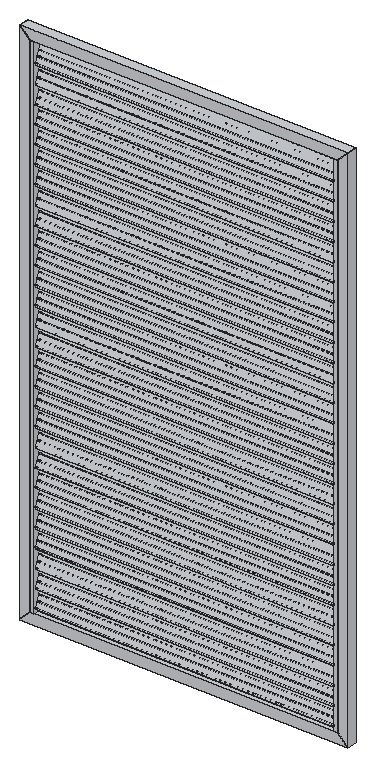
Revit family "95 Bella Vista Horizontal End Fixed", category Generic Models, Revit 2018
Family settings
  Can host rebar = No
  Round Connector Dimension = Use Diameter
  Part Type = Normal
  Work Plane-Based = No
  Always vertical = Yes
  Cut with Voids When Loaded = No
  Shared = No
  Room Calculation Point = No
Parameters
  Width = 1020 mm
  Height = 2654 mm
  Framing = none
  Channel = none
Reference planes
  plane 1 "Center (Front/Back)": y = 0
  plane 2: z = 0
  plane 3 "Center (Left/Right)": x = 0
  plane 4: z = 2654
  plane 5: x = -816.5
  plane 6: x = 816.5
  plane 7: x = -766.5
  plane 8: x = 766.5
  plane 9: x = 746.5
  plane 10: x = -746.5
Forms (mm)
  Extrusion 1, solid, material <- "Framing"
    sketch origin (0, 1.946, -0.121) x (0, 0.999848, 0.017452) y (0, -0.017452, 0.999848)
      loop
        arc (-4.719, 95.957) -> (-4.817, 99.085) -> (-7.001, 96.844) r 1.7
        arc (-7.001, 96.844) -> (-7.349, 95.993) -> (-8.2, 96.342) r 0.65
        arc (-8.2, 96.342) -> (-8.41, 97.135) -> (-8.398, 97.955) r 3
        line (-8.398, 97.955) -> (-9.746, 98.478) -> (-18.273, 76.527) -> (-10.117, 73.358) -> (-1.59, 95.31) -> (-2.938, 95.834)
        arc (-2.938, 95.834) -> (-3.482, 95.22) -> (-4.173, 94.777) r 3
        arc (-4.173, 94.777) -> (-5.036, 95.094) -> (-4.719, 95.957) r 0.65
      loop
        arc (7.925, 123.798) -> (4.344, 122.668) -> (2.465, 125.919) r 3
        line (2.465, 125.919) -> (1.117, 126.443) -> (-9.275, 99.69) -> (-7.927, 99.166)
        arc (-7.927, 99.166) -> (-4.346, 100.296) -> (-2.467, 97.045) r 3
        line (-2.467, 97.045) -> (-1.119, 96.522) -> (9.273, 123.274) -> (7.925, 123.798)
      loop
        arc (8.198, 126.623) -> (8.408, 125.83) -> (8.396, 125.01) r 3
        line (8.396, 125.01) -> (9.744, 124.486) -> (20.806, 152.963) -> (16.845, 154.502) -> (14.491, 148.443)
        arc (14.491, 148.443) -> (14.227, 148.166) -> (13.844, 148.158) r 0.5
        line (13.844, 148.158) -> (10.116, 149.606) -> (1.588, 127.654) -> (2.936, 127.131)
        arc (2.936, 127.131) -> (3.481, 127.744) -> (4.171, 128.187) r 3
        arc (4.171, 128.187) -> (5.034, 127.87) -> (4.717, 127.007) r 0.65
        arc (4.717, 127.007) -> (4.815, 123.88) -> (6.999, 126.121) r 1.7
        arc (6.999, 126.121) -> (7.347, 126.971) -> (8.198, 126.623) r 0.65
      loop
        arc (16.57, 156.003) -> (16.187, 155.995) -> (15.923, 155.718) r 0.5
        line (15.923, 155.718) -> (13.569, 149.659) -> (9.374, 151.289) -> (-22.491, 69.261) -> (-20.067, 68.319)
        arc (-20.067, 68.319) -> (-19.684, 68.328) -> (-19.42, 68.604) r 0.5
        line (-19.42, 68.604) -> (-18.895, 69.956)
        arc (-18.895, 69.956) -> (-19.123, 70.473) -> (-19.641, 70.245) r 0.4
        line (-19.641, 70.245) -> (-19.985, 69.36) -> (-21.196, 69.831) -> (-19.169, 75.051) -> (-17.957, 74.58) -> (-18.265, 73.787)
        arc (-18.265, 73.787) -> (-18.037, 73.27) -> (-17.519, 73.498) r 0.4
        line (-17.519, 73.498) -> (-17.066, 74.663) -> (-9.376, 71.676) -> (22.489, 153.704) -> (16.57, 156.003)
    from -746.5 to 746.5
  Extrusion 2, solid, material <- "Channel"
    sketch origin (0, 0, 0) x (1, 0, 0) y (0, 1, 0)
      loop
        line (-766.5, 25) -> (-766.5, 22) -> (-749.5, 22) -> (-749.5, -22) -> (-766.5, -22) -> (-766.5, -25) -> (-746.5, -25) -> (-746.5, 25) -> (-766.5, 25)
    from 50 to 2604
  Extrusion 3, solid, material <- "Channel"
    sketch origin (0, 0, 0) x (-1, 0, 0) y (0, -1, 0)
      loop
        line (-766.5, -25) -> (-746.5, -25) -> (-746.5, 25) -> (-766.5, 25) -> (-766.5, 22) -> (-749.5, 22) -> (-749.5, -22) -> (-766.5, -22) -> (-766.5, -25)
    from 50 to 2604
  Extrusion 4, solid
    sketch origin (0, 0, 0) x (0, 1, 0) y (0, 0, 1)
      loop
        line (20, 50) -> (20, 51.6) -> (1.6, 51.6) -> (1.6, 82) -> (0, 82) -> (0, 50) -> (20, 50)
    from -746.5 to 746.5
  Extrusion 5, solid
    sketch origin (0, 23.313, 2654) x (0, -1, 0) y (0, 0, -1)
      loop
        line (20, 50) -> (20, 51.6) -> (1.6, 51.6) -> (1.6, 82) -> (0, 82) -> (0, 50) -> (20, 50)
    from -746.5 to 746.5
  Extrusion 6, solid, material <- "Framing"
    sketch origin (0, 1.946, 89.879) x (0, 0.999848, 0.017452) y (0, -0.017452, 0.999848)
      loop
        arc (-4.719, 95.957) -> (-4.817, 99.085) -> (-7.001, 96.844) r 1.7
        arc (-7.001, 96.844) -> (-7.349, 95.993) -> (-8.2, 96.342) r 0.65
        arc (-8.2, 96.342) -> (-8.41, 97.135) -> (-8.398, 97.955) r 3
        line (-8.398, 97.955) -> (-9.746, 98.478) -> (-18.273, 76.527) -> (-10.117, 73.358) -> (-1.59, 95.31) -> (-2.938, 95.834)
        arc (-2.938, 95.834) -> (-3.482, 95.22) -> (-4.173, 94.777) r 3
        arc (-4.173, 94.777) -> (-5.036, 95.094) -> (-4.719, 95.957) r 0.65
      loop
        arc (7.925, 123.798) -> (4.344, 122.668) -> (2.465, 125.919) r 3
        line (2.465, 125.919) -> (1.117, 126.443) -> (-9.275, 99.69) -> (-7.927, 99.166)
        arc (-7.927, 99.166) -> (-4.346, 100.296) -> (-2.467, 97.045) r 3
        line (-2.467, 97.045) -> (-1.119, 96.522) -> (9.273, 123.274) -> (7.925, 123.798)
      loop
        arc (8.198, 126.623) -> (8.408, 125.83) -> (8.396, 125.01) r 3
        line (8.396, 125.01) -> (9.744, 124.486) -> (20.806, 152.963) -> (16.845, 154.502) -> (14.491, 148.443)
        arc (14.491, 148.443) -> (14.227, 148.166) -> (13.844, 148.158) r 0.5
        line (13.844, 148.158) -> (10.116, 149.606) -> (1.588, 127.654) -> (2.936, 127.131)
        arc (2.936, 127.131) -> (3.481, 127.744) -> (4.171, 128.187) r 3
        arc (4.171, 128.187) -> (5.034, 127.87) -> (4.717, 127.007) r 0.65
        arc (4.717, 127.007) -> (4.815, 123.88) -> (6.999, 126.121) r 1.7
        arc (6.999, 126.121) -> (7.347, 126.971) -> (8.198, 126.623) r 0.65
      loop
        arc (16.57, 156.003) -> (16.187, 155.995) -> (15.923, 155.718) r 0.5
        line (15.923, 155.718) -> (13.569, 149.659) -> (9.374, 151.289) -> (-22.491, 69.261) -> (-20.067, 68.319)
        arc (-20.067, 68.319) -> (-19.684, 68.328) -> (-19.42, 68.604) r 0.5
        line (-19.42, 68.604) -> (-18.895, 69.956)
        arc (-18.895, 69.956) -> (-19.123, 70.473) -> (-19.641, 70.245) r 0.4
        line (-19.641, 70.245) -> (-19.985, 69.36) -> (-21.196, 69.831) -> (-19.169, 75.051) -> (-17.957, 74.58) -> (-18.265, 73.787)
        arc (-18.265, 73.787) -> (-18.037, 73.27) -> (-17.519, 73.498) r 0.4
        line (-17.519, 73.498) -> (-17.066, 74.663) -> (-9.376, 71.676) -> (22.489, 153.704) -> (16.57, 156.003)
    from -746.5 to 746.5
  Extrusion 7, solid, material <- "Framing"
    sketch origin (0, 1.946, 179.879) x (0, 0.999848, 0.017452) y (0, -0.017452, 0.999848)
      loop
        arc (-4.719, 95.957) -> (-4.817, 99.085) -> (-7.001, 96.844) r 1.7
        arc (-7.001, 96.844) -> (-7.349, 95.993) -> (-8.2, 96.342) r 0.65
        arc (-8.2, 96.342) -> (-8.41, 97.135) -> (-8.398, 97.955) r 3
        line (-8.398, 97.955) -> (-9.746, 98.478) -> (-18.273, 76.527) -> (-10.117, 73.358) -> (-1.59, 95.31) -> (-2.938, 95.834)
        arc (-2.938, 95.834) -> (-3.482, 95.22) -> (-4.173, 94.777) r 3
        arc (-4.173, 94.777) -> (-5.036, 95.094) -> (-4.719, 95.957) r 0.65
      loop
        arc (7.925, 123.798) -> (4.344, 122.668) -> (2.465, 125.919) r 3
        line (2.465, 125.919) -> (1.117, 126.443) -> (-9.275, 99.69) -> (-7.927, 99.166)
        arc (-7.927, 99.166) -> (-4.346, 100.296) -> (-2.467, 97.045) r 3
        line (-2.467, 97.045) -> (-1.119, 96.522) -> (9.273, 123.274) -> (7.925, 123.798)
      loop
        arc (8.198, 126.623) -> (8.408, 125.83) -> (8.396, 125.01) r 3
        line (8.396, 125.01) -> (9.744, 124.486) -> (20.806, 152.963) -> (16.845, 154.502) -> (14.491, 148.443)
        arc (14.491, 148.443) -> (14.227, 148.166) -> (13.844, 148.158) r 0.5
        line (13.844, 148.158) -> (10.116, 149.606) -> (1.588, 127.654) -> (2.936, 127.131)
        arc (2.936, 127.131) -> (3.481, 127.744) -> (4.171, 128.187) r 3
        arc (4.171, 128.187) -> (5.034, 127.87) -> (4.717, 127.007) r 0.65
        arc (4.717, 127.007) -> (4.815, 123.88) -> (6.999, 126.121) r 1.7
        arc (6.999, 126.121) -> (7.347, 126.971) -> (8.198, 126.623) r 0.65
      loop
        arc (16.57, 156.003) -> (16.187, 155.995) -> (15.923, 155.718) r 0.5
        line (15.923, 155.718) -> (13.569, 149.659) -> (9.374, 151.289) -> (-22.491, 69.261) -> (-20.067, 68.319)
        arc (-20.067, 68.319) -> (-19.684, 68.328) -> (-19.42, 68.604) r 0.5
        line (-19.42, 68.604) -> (-18.895, 69.956)
        arc (-18.895, 69.956) -> (-19.123, 70.473) -> (-19.641, 70.245) r 0.4
        line (-19.641, 70.245) -> (-19.985, 69.36) -> (-21.196, 69.831) -> (-19.169, 75.051) -> (-17.957, 74.58) -> (-18.265, 73.787)
        arc (-18.265, 73.787) -> (-18.037, 73.27) -> (-17.519, 73.498) r 0.4
        line (-17.519, 73.498) -> (-17.066, 74.663) -> (-9.376, 71.676) -> (22.489, 153.704) -> (16.57, 156.003)
    from -746.5 to 746.5
  Extrusion 8, solid, material <- "Framing"
    sketch origin (0, 1.946, 269.879) x (0, 0.999848, 0.017452) y (0, -0.017452, 0.999848)
      loop
        arc (-4.719, 95.957) -> (-4.817, 99.085) -> (-7.001, 96.844) r 1.7
        arc (-7.001, 96.844) -> (-7.349, 95.993) -> (-8.2, 96.342) r 0.65
        arc (-8.2, 96.342) -> (-8.41, 97.135) -> (-8.398, 97.955) r 3
        line (-8.398, 97.955) -> (-9.746, 98.478) -> (-18.273, 76.527) -> (-10.117, 73.358) -> (-1.59, 95.31) -> (-2.938, 95.834)
        arc (-2.938, 95.834) -> (-3.482, 95.22) -> (-4.173, 94.777) r 3
        arc (-4.173, 94.777) -> (-5.036, 95.094) -> (-4.719, 95.957) r 0.65
      loop
        arc (7.925, 123.798) -> (4.344, 122.668) -> (2.465, 125.919) r 3
        line (2.465, 125.919) -> (1.117, 126.443) -> (-9.275, 99.69) -> (-7.927, 99.166)
        arc (-7.927, 99.166) -> (-4.346, 100.296) -> (-2.467, 97.045) r 3
        line (-2.467, 97.045) -> (-1.119, 96.522) -> (9.273, 123.274) -> (7.925, 123.798)
      loop
        arc (8.198, 126.623) -> (8.408, 125.83) -> (8.396, 125.01) r 3
        line (8.396, 125.01) -> (9.744, 124.486) -> (20.806, 152.963) -> (16.845, 154.502) -> (14.491, 148.443)
        arc (14.491, 148.443) -> (14.227, 148.166) -> (13.844, 148.158) r 0.5
        line (13.844, 148.158) -> (10.116, 149.606) -> (1.588, 127.654) -> (2.936, 127.131)
        arc (2.936, 127.131) -> (3.481, 127.744) -> (4.171, 128.187) r 3
        arc (4.171, 128.187) -> (5.034, 127.87) -> (4.717, 127.007) r 0.65
        arc (4.717, 127.007) -> (4.815, 123.88) -> (6.999, 126.121) r 1.7
        arc (6.999, 126.121) -> (7.347, 126.971) -> (8.198, 126.623) r 0.65
      loop
        arc (16.57, 156.003) -> (16.187, 155.995) -> (15.923, 155.718) r 0.5
        line (15.923, 155.718) -> (13.569, 149.659) -> (9.374, 151.289) -> (-22.491, 69.261) -> (-20.067, 68.319)
        arc (-20.067, 68.319) -> (-19.684, 68.328) -> (-19.42, 68.604) r 0.5
        line (-19.42, 68.604) -> (-18.895, 69.956)
        arc (-18.895, 69.956) -> (-19.123, 70.473) -> (-19.641, 70.245) r 0.4
        line (-19.641, 70.245) -> (-19.985, 69.36) -> (-21.196, 69.831) -> (-19.169, 75.051) -> (-17.957, 74.58) -> (-18.265, 73.787)
        arc (-18.265, 73.787) -> (-18.037, 73.27) -> (-17.519, 73.498) r 0.4
        line (-17.519, 73.498) -> (-17.066, 74.663) -> (-9.376, 71.676) -> (22.489, 153.704) -> (16.57, 156.003)
    from -746.5 to 746.5
  Extrusion 9, solid, material <- "Framing"
    sketch origin (0, 1.946, 359.879) x (0, 0.999848, 0.017452) y (0, -0.017452, 0.999848)
      loop
        arc (-4.719, 95.957) -> (-4.817, 99.085) -> (-7.001, 96.844) r 1.7
        arc (-7.001, 96.844) -> (-7.349, 95.993) -> (-8.2, 96.342) r 0.65
        arc (-8.2, 96.342) -> (-8.41, 97.135) -> (-8.398, 97.955) r 3
        line (-8.398, 97.955) -> (-9.746, 98.478) -> (-18.273, 76.527) -> (-10.117, 73.358) -> (-1.59, 95.31) -> (-2.938, 95.834)
        arc (-2.938, 95.834) -> (-3.482, 95.22) -> (-4.173, 94.777) r 3
        arc (-4.173, 94.777) -> (-5.036, 95.094) -> (-4.719, 95.957) r 0.65
      loop
        arc (7.925, 123.798) -> (4.344, 122.668) -> (2.465, 125.919) r 3
        line (2.465, 125.919) -> (1.117, 126.443) -> (-9.275, 99.69) -> (-7.927, 99.166)
        arc (-7.927, 99.166) -> (-4.346, 100.296) -> (-2.467, 97.045) r 3
        line (-2.467, 97.045) -> (-1.119, 96.522) -> (9.273, 123.274) -> (7.925, 123.798)
      loop
        arc (8.198, 126.623) -> (8.408, 125.83) -> (8.396, 125.01) r 3
        line (8.396, 125.01) -> (9.744, 124.486) -> (20.806, 152.963) -> (16.845, 154.502) -> (14.491, 148.443)
        arc (14.491, 148.443) -> (14.227, 148.166) -> (13.844, 148.158) r 0.5
        line (13.844, 148.158) -> (10.116, 149.606) -> (1.588, 127.654) -> (2.936, 127.131)
        arc (2.936, 127.131) -> (3.481, 127.744) -> (4.171, 128.187) r 3
        arc (4.171, 128.187) -> (5.034, 127.87) -> (4.717, 127.007) r 0.65
        arc (4.717, 127.007) -> (4.815, 123.88) -> (6.999, 126.121) r 1.7
        arc (6.999, 126.121) -> (7.347, 126.971) -> (8.198, 126.623) r 0.65
      loop
        arc (16.57, 156.003) -> (16.187, 155.995) -> (15.923, 155.718) r 0.5
        line (15.923, 155.718) -> (13.569, 149.659) -> (9.374, 151.289) -> (-22.491, 69.261) -> (-20.067, 68.319)
        arc (-20.067, 68.319) -> (-19.684, 68.328) -> (-19.42, 68.604) r 0.5
        line (-19.42, 68.604) -> (-18.895, 69.956)
        arc (-18.895, 69.956) -> (-19.123, 70.473) -> (-19.641, 70.245) r 0.4
        line (-19.641, 70.245) -> (-19.985, 69.36) -> (-21.196, 69.831) -> (-19.169, 75.051) -> (-17.957, 74.58) -> (-18.265, 73.787)
        arc (-18.265, 73.787) -> (-18.037, 73.27) -> (-17.519, 73.498) r 0.4
        line (-17.519, 73.498) -> (-17.066, 74.663) -> (-9.376, 71.676) -> (22.489, 153.704) -> (16.57, 156.003)
    from -746.5 to 746.5
  Extrusion 10, solid, material <- "Framing"
    sketch origin (0, 1.946, 449.879) x (0, 0.999848, 0.017452) y (0, -0.017452, 0.999848)
      loop
        arc (-4.719, 95.957) -> (-4.817, 99.085) -> (-7.001, 96.844) r 1.7
        arc (-7.001, 96.844) -> (-7.349, 95.993) -> (-8.2, 96.342) r 0.65
        arc (-8.2, 96.342) -> (-8.41, 97.135) -> (-8.398, 97.955) r 3
        line (-8.398, 97.955) -> (-9.746, 98.478) -> (-18.273, 76.527) -> (-10.117, 73.358) -> (-1.59, 95.31) -> (-2.938, 95.834)
        arc (-2.938, 95.834) -> (-3.482, 95.22) -> (-4.173, 94.777) r 3
        arc (-4.173, 94.777) -> (-5.036, 95.094) -> (-4.719, 95.957) r 0.65
      loop
        arc (7.925, 123.798) -> (4.344, 122.668) -> (2.465, 125.919) r 3
        line (2.465, 125.919) -> (1.117, 126.443) -> (-9.275, 99.69) -> (-7.927, 99.166)
        arc (-7.927, 99.166) -> (-4.346, 100.296) -> (-2.467, 97.045) r 3
        line (-2.467, 97.045) -> (-1.119, 96.522) -> (9.273, 123.274) -> (7.925, 123.798)
      loop
        arc (8.198, 126.623) -> (8.408, 125.83) -> (8.396, 125.01) r 3
        line (8.396, 125.01) -> (9.744, 124.486) -> (20.806, 152.963) -> (16.845, 154.502) -> (14.491, 148.443)
        arc (14.491, 148.443) -> (14.227, 148.166) -> (13.844, 148.158) r 0.5
        line (13.844, 148.158) -> (10.116, 149.606) -> (1.588, 127.654) -> (2.936, 127.131)
        arc (2.936, 127.131) -> (3.481, 127.744) -> (4.171, 128.187) r 3
        arc (4.171, 128.187) -> (5.034, 127.87) -> (4.717, 127.007) r 0.65
        arc (4.717, 127.007) -> (4.815, 123.88) -> (6.999, 126.121) r 1.7
        arc (6.999, 126.121) -> (7.347, 126.971) -> (8.198, 126.623) r 0.65
      loop
        arc (16.57, 156.003) -> (16.187, 155.995) -> (15.923, 155.718) r 0.5
        line (15.923, 155.718) -> (13.569, 149.659) -> (9.374, 151.289) -> (-22.491, 69.261) -> (-20.067, 68.319)
        arc (-20.067, 68.319) -> (-19.684, 68.328) -> (-19.42, 68.604) r 0.5
        line (-19.42, 68.604) -> (-18.895, 69.956)
        arc (-18.895, 69.956) -> (-19.123, 70.473) -> (-19.641, 70.245) r 0.4
        line (-19.641, 70.245) -> (-19.985, 69.36) -> (-21.196, 69.831) -> (-19.169, 75.051) -> (-17.957, 74.58) -> (-18.265, 73.787)
        arc (-18.265, 73.787) -> (-18.037, 73.27) -> (-17.519, 73.498) r 0.4
        line (-17.519, 73.498) -> (-17.066, 74.663) -> (-9.376, 71.676) -> (22.489, 153.704) -> (16.57, 156.003)
    from -746.5 to 746.5
  Extrusion 11, solid, material <- "Framing"
    sketch origin (0, 1.946, 539.879) x (0, 0.999848, 0.017452) y (0, -0.017452, 0.999848)
      loop
        arc (-4.719, 95.957) -> (-4.817, 99.085) -> (-7.001, 96.844) r 1.7
        arc (-7.001, 96.844) -> (-7.349, 95.993) -> (-8.2, 96.342) r 0.65
        arc (-8.2, 96.342) -> (-8.41, 97.135) -> (-8.398, 97.955) r 3
        line (-8.398, 97.955) -> (-9.746, 98.478) -> (-18.273, 76.527) -> (-10.117, 73.358) -> (-1.59, 95.31) -> (-2.938, 95.834)
        arc (-2.938, 95.834) -> (-3.482, 95.22) -> (-4.173, 94.777) r 3
        arc (-4.173, 94.777) -> (-5.036, 95.094) -> (-4.719, 95.957) r 0.65
      loop
        arc (7.925, 123.798) -> (4.344, 122.668) -> (2.465, 125.919) r 3
        line (2.465, 125.919) -> (1.117, 126.443) -> (-9.275, 99.69) -> (-7.927, 99.166)
        arc (-7.927, 99.166) -> (-4.346, 100.296) -> (-2.467, 97.045) r 3
        line (-2.467, 97.045) -> (-1.119, 96.522) -> (9.273, 123.274) -> (7.925, 123.798)
      loop
        arc (8.198, 126.623) -> (8.408, 125.83) -> (8.396, 125.01) r 3
        line (8.396, 125.01) -> (9.744, 124.486) -> (20.806, 152.963) -> (16.845, 154.502) -> (14.491, 148.443)
        arc (14.491, 148.443) -> (14.227, 148.166) -> (13.844, 148.158) r 0.5
        line (13.844, 148.158) -> (10.116, 149.606) -> (1.588, 127.654) -> (2.936, 127.131)
        arc (2.936, 127.131) -> (3.481, 127.744) -> (4.171, 128.187) r 3
        arc (4.171, 128.187) -> (5.034, 127.87) -> (4.717, 127.007) r 0.65
        arc (4.717, 127.007) -> (4.815, 123.88) -> (6.999, 126.121) r 1.7
        arc (6.999, 126.121) -> (7.347, 126.971) -> (8.198, 126.623) r 0.65
      loop
        arc (16.57, 156.003) -> (16.187, 155.995) -> (15.923, 155.718) r 0.5
        line (15.923, 155.718) -> (13.569, 149.659) -> (9.374, 151.289) -> (-22.491, 69.261) -> (-20.067, 68.319)
        arc (-20.067, 68.319) -> (-19.684, 68.328) -> (-19.42, 68.604) r 0.5
        line (-19.42, 68.604) -> (-18.895, 69.956)
        arc (-18.895, 69.956) -> (-19.123, 70.473) -> (-19.641, 70.245) r 0.4
        line (-19.641, 70.245) -> (-19.985, 69.36) -> (-21.196, 69.831) -> (-19.169, 75.051) -> (-17.957, 74.58) -> (-18.265, 73.787)
        arc (-18.265, 73.787) -> (-18.037, 73.27) -> (-17.519, 73.498) r 0.4
        line (-17.519, 73.498) -> (-17.066, 74.663) -> (-9.376, 71.676) -> (22.489, 153.704) -> (16.57, 156.003)
    from -746.5 to 746.5
  Extrusion 12, solid, material <- "Framing"
    sketch origin (0, 1.946, 629.879) x (0, 0.999848, 0.017452) y (0, -0.017452, 0.999848)
      loop
        arc (-4.719, 95.957) -> (-4.817, 99.085) -> (-7.001, 96.844) r 1.7
        arc (-7.001, 96.844) -> (-7.349, 95.993) -> (-8.2, 96.342) r 0.65
        arc (-8.2, 96.342) -> (-8.41, 97.135) -> (-8.398, 97.955) r 3
        line (-8.398, 97.955) -> (-9.746, 98.478) -> (-18.273, 76.527) -> (-10.117, 73.358) -> (-1.59, 95.31) -> (-2.938, 95.834)
        arc (-2.938, 95.834) -> (-3.482, 95.22) -> (-4.173, 94.777) r 3
        arc (-4.173, 94.777) -> (-5.036, 95.094) -> (-4.719, 95.957) r 0.65
      loop
        arc (7.925, 123.798) -> (4.344, 122.668) -> (2.465, 125.919) r 3
        line (2.465, 125.919) -> (1.117, 126.443) -> (-9.275, 99.69) -> (-7.927, 99.166)
        arc (-7.927, 99.166) -> (-4.346, 100.296) -> (-2.467, 97.045) r 3
        line (-2.467, 97.045) -> (-1.119, 96.522) -> (9.273, 123.274) -> (7.925, 123.798)
      loop
        arc (8.198, 126.623) -> (8.408, 125.83) -> (8.396, 125.01) r 3
        line (8.396, 125.01) -> (9.744, 124.486) -> (20.806, 152.963) -> (16.845, 154.502) -> (14.491, 148.443)
        arc (14.491, 148.443) -> (14.227, 148.166) -> (13.844, 148.158) r 0.5
        line (13.844, 148.158) -> (10.116, 149.606) -> (1.588, 127.654) -> (2.936, 127.131)
        arc (2.936, 127.131) -> (3.481, 127.744) -> (4.171, 128.187) r 3
        arc (4.171, 128.187) -> (5.034, 127.87) -> (4.717, 127.007) r 0.65
        arc (4.717, 127.007) -> (4.815, 123.88) -> (6.999, 126.121) r 1.7
        arc (6.999, 126.121) -> (7.347, 126.971) -> (8.198, 126.623) r 0.65
      loop
        arc (16.57, 156.003) -> (16.187, 155.995) -> (15.923, 155.718) r 0.5
        line (15.923, 155.718) -> (13.569, 149.659) -> (9.374, 151.289) -> (-22.491, 69.261) -> (-20.067, 68.319)
        arc (-20.067, 68.319) -> (-19.684, 68.328) -> (-19.42, 68.604) r 0.5
        line (-19.42, 68.604) -> (-18.895, 69.956)
        arc (-18.895, 69.956) -> (-19.123, 70.473) -> (-19.641, 70.245) r 0.4
        line (-19.641, 70.245) -> (-19.985, 69.36) -> (-21.196, 69.831) -> (-19.169, 75.051) -> (-17.957, 74.58) -> (-18.265, 73.787)
        arc (-18.265, 73.787) -> (-18.037, 73.27) -> (-17.519, 73.498) r 0.4
        line (-17.519, 73.498) -> (-17.066, 74.663) -> (-9.376, 71.676) -> (22.489, 153.704) -> (16.57, 156.003)
    from -746.5 to 746.5
  Extrusion 13, solid, material <- "Framing"
    sketch origin (0, 1.946, 719.879) x (0, 0.999848, 0.017452) y (0, -0.017452, 0.999848)
      loop
        arc (-4.719, 95.957) -> (-4.817, 99.085) -> (-7.001, 96.844) r 1.7
        arc (-7.001, 96.844) -> (-7.349, 95.993) -> (-8.2, 96.342) r 0.65
        arc (-8.2, 96.342) -> (-8.41, 97.135) -> (-8.398, 97.955) r 3
        line (-8.398, 97.955) -> (-9.746, 98.478) -> (-18.273, 76.527) -> (-10.117, 73.358) -> (-1.59, 95.31) -> (-2.938, 95.834)
        arc (-2.938, 95.834) -> (-3.482, 95.22) -> (-4.173, 94.777) r 3
        arc (-4.173, 94.777) -> (-5.036, 95.094) -> (-4.719, 95.957) r 0.65
      loop
        arc (7.925, 123.798) -> (4.344, 122.668) -> (2.465, 125.919) r 3
        line (2.465, 125.919) -> (1.117, 126.443) -> (-9.275, 99.69) -> (-7.927, 99.166)
        arc (-7.927, 99.166) -> (-4.346, 100.296) -> (-2.467, 97.045) r 3
        line (-2.467, 97.045) -> (-1.119, 96.522) -> (9.273, 123.274) -> (7.925, 123.798)
      loop
        arc (8.198, 126.623) -> (8.408, 125.83) -> (8.396, 125.01) r 3
        line (8.396, 125.01) -> (9.744, 124.486) -> (20.806, 152.963) -> (16.845, 154.502) -> (14.491, 148.443)
        arc (14.491, 148.443) -> (14.227, 148.166) -> (13.844, 148.158) r 0.5
        line (13.844, 148.158) -> (10.116, 149.606) -> (1.588, 127.654) -> (2.936, 127.131)
        arc (2.936, 127.131) -> (3.481, 127.744) -> (4.171, 128.187) r 3
        arc (4.171, 128.187) -> (5.034, 127.87) -> (4.717, 127.007) r 0.65
        arc (4.717, 127.007) -> (4.815, 123.88) -> (6.999, 126.121) r 1.7
        arc (6.999, 126.121) -> (7.347, 126.971) -> (8.198, 126.623) r 0.65
      loop
        arc (16.57, 156.003) -> (16.187, 155.995) -> (15.923, 155.718) r 0.5
        line (15.923, 155.718) -> (13.569, 149.659) -> (9.374, 151.289) -> (-22.491, 69.261) -> (-20.067, 68.319)
        arc (-20.067, 68.319) -> (-19.684, 68.328) -> (-19.42, 68.604) r 0.5
        line (-19.42, 68.604) -> (-18.895, 69.956)
        arc (-18.895, 69.956) -> (-19.123, 70.473) -> (-19.641, 70.245) r 0.4
        line (-19.641, 70.245) -> (-19.985, 69.36) -> (-21.196, 69.831) -> (-19.169, 75.051) -> (-17.957, 74.58) -> (-18.265, 73.787)
        arc (-18.265, 73.787) -> (-18.037, 73.27) -> (-17.519, 73.498) r 0.4
        line (-17.519, 73.498) -> (-17.066, 74.663) -> (-9.376, 71.676) -> (22.489, 153.704) -> (16.57, 156.003)
    from -746.5 to 746.5
  Extrusion 14, solid, material <- "Framing"
    sketch origin (0, 1.946, 809.879) x (0, 0.999848, 0.017452) y (0, -0.017452, 0.999848)
      loop
        arc (-4.719, 95.957) -> (-4.817, 99.085) -> (-7.001, 96.844) r 1.7
        arc (-7.001, 96.844) -> (-7.349, 95.993) -> (-8.2, 96.342) r 0.65
        arc (-8.2, 96.342) -> (-8.41, 97.135) -> (-8.398, 97.955) r 3
        line (-8.398, 97.955) -> (-9.746, 98.478) -> (-18.273, 76.527) -> (-10.117, 73.358) -> (-1.59, 95.31) -> (-2.938, 95.834)
        arc (-2.938, 95.834) -> (-3.482, 95.22) -> (-4.173, 94.777) r 3
        arc (-4.173, 94.777) -> (-5.036, 95.094) -> (-4.719, 95.957) r 0.65
      loop
        arc (7.925, 123.798) -> (4.344, 122.668) -> (2.465, 125.919) r 3
        line (2.465, 125.919) -> (1.117, 126.443) -> (-9.275, 99.69) -> (-7.927, 99.166)
        arc (-7.927, 99.166) -> (-4.346, 100.296) -> (-2.467, 97.045) r 3
        line (-2.467, 97.045) -> (-1.119, 96.522) -> (9.273, 123.274) -> (7.925, 123.798)
      loop
        arc (8.198, 126.623) -> (8.408, 125.83) -> (8.396, 125.01) r 3
        line (8.396, 125.01) -> (9.744, 124.486) -> (20.806, 152.963) -> (16.845, 154.502) -> (14.491, 148.443)
        arc (14.491, 148.443) -> (14.227, 148.166) -> (13.844, 148.158) r 0.5
        line (13.844, 148.158) -> (10.116, 149.606) -> (1.588, 127.654) -> (2.936, 127.131)
        arc (2.936, 127.131) -> (3.481, 127.744) -> (4.171, 128.187) r 3
        arc (4.171, 128.187) -> (5.034, 127.87) -> (4.717, 127.007) r 0.65
        arc (4.717, 127.007) -> (4.815, 123.88) -> (6.999, 126.121) r 1.7
        arc (6.999, 126.121) -> (7.347, 126.971) -> (8.198, 126.623) r 0.65
      loop
        arc (16.57, 156.003) -> (16.187, 155.995) -> (15.923, 155.718) r 0.5
        line (15.923, 155.718) -> (13.569, 149.659) -> (9.374, 151.289) -> (-22.491, 69.261) -> (-20.067, 68.319)
        arc (-20.067, 68.319) -> (-19.684, 68.328) -> (-19.42, 68.604) r 0.5
        line (-19.42, 68.604) -> (-18.895, 69.956)
        arc (-18.895, 69.956) -> (-19.123, 70.473) -> (-19.641, 70.245) r 0.4
        line (-19.641, 70.245) -> (-19.985, 69.36) -> (-21.196, 69.831) -> (-19.169, 75.051) -> (-17.957, 74.58) -> (-18.265, 73.787)
        arc (-18.265, 73.787) -> (-18.037, 73.27) -> (-17.519, 73.498) r 0.4
        line (-17.519, 73.498) -> (-17.066, 74.663) -> (-9.376, 71.676) -> (22.489, 153.704) -> (16.57, 156.003)
    from -746.5 to 746.5
  Extrusion 15, solid, material <- "Framing"
    sketch origin (0, 1.946, 899.879) x (0, 0.999848, 0.017452) y (0, -0.017452, 0.999848)
      loop
        arc (-4.719, 95.957) -> (-4.817, 99.085) -> (-7.001, 96.844) r 1.7
        arc (-7.001, 96.844) -> (-7.349, 95.993) -> (-8.2, 96.342) r 0.65
        arc (-8.2, 96.342) -> (-8.41, 97.135) -> (-8.398, 97.955) r 3
        line (-8.398, 97.955) -> (-9.746, 98.478) -> (-18.273, 76.527) -> (-10.117, 73.358) -> (-1.59, 95.31) -> (-2.938, 95.834)
        arc (-2.938, 95.834) -> (-3.482, 95.22) -> (-4.173, 94.777) r 3
        arc (-4.173, 94.777) -> (-5.036, 95.094) -> (-4.719, 95.957) r 0.65
      loop
        arc (7.925, 123.798) -> (4.344, 122.668) -> (2.465, 125.919) r 3
        line (2.465, 125.919) -> (1.117, 126.443) -> (-9.275, 99.69) -> (-7.927, 99.166)
        arc (-7.927, 99.166) -> (-4.346, 100.296) -> (-2.467, 97.045) r 3
        line (-2.467, 97.045) -> (-1.119, 96.522) -> (9.273, 123.274) -> (7.925, 123.798)
      loop
        arc (8.198, 126.623) -> (8.408, 125.83) -> (8.396, 125.01) r 3
        line (8.396, 125.01) -> (9.744, 124.486) -> (20.806, 152.963) -> (16.845, 154.502) -> (14.491, 148.443)
        arc (14.491, 148.443) -> (14.227, 148.166) -> (13.844, 148.158) r 0.5
        line (13.844, 148.158) -> (10.116, 149.606) -> (1.588, 127.654) -> (2.936, 127.131)
        arc (2.936, 127.131) -> (3.481, 127.744) -> (4.171, 128.187) r 3
        arc (4.171, 128.187) -> (5.034, 127.87) -> (4.717, 127.007) r 0.65
        arc (4.717, 127.007) -> (4.815, 123.88) -> (6.999, 126.121) r 1.7
        arc (6.999, 126.121) -> (7.347, 126.971) -> (8.198, 126.623) r 0.65
      loop
        arc (16.57, 156.003) -> (16.187, 155.995) -> (15.923, 155.718) r 0.5
        line (15.923, 155.718) -> (13.569, 149.659) -> (9.374, 151.289) -> (-22.491, 69.261) -> (-20.067, 68.319)
        arc (-20.067, 68.319) -> (-19.684, 68.328) -> (-19.42, 68.604) r 0.5
        line (-19.42, 68.604) -> (-18.895, 69.956)
        arc (-18.895, 69.956) -> (-19.123, 70.473) -> (-19.641, 70.245) r 0.4
        line (-19.641, 70.245) -> (-19.985, 69.36) -> (-21.196, 69.831) -> (-19.169, 75.051) -> (-17.957, 74.58) -> (-18.265, 73.787)
        arc (-18.265, 73.787) -> (-18.037, 73.27) -> (-17.519, 73.498) r 0.4
        line (-17.519, 73.498) -> (-17.066, 74.663) -> (-9.376, 71.676) -> (22.489, 153.704) -> (16.57, 156.003)
    from -746.5 to 746.5
  Extrusion 16, solid, material <- "Framing"
    sketch origin (0, 1.946, 989.879) x (0, 0.999848, 0.017452) y (0, -0.017452, 0.999848)
      loop
        arc (-4.719, 95.957) -> (-4.817, 99.085) -> (-7.001, 96.844) r 1.7
        arc (-7.001, 96.844) -> (-7.349, 95.993) -> (-8.2, 96.342) r 0.65
        arc (-8.2, 96.342) -> (-8.41, 97.135) -> (-8.398, 97.955) r 3
        line (-8.398, 97.955) -> (-9.746, 98.478) -> (-18.273, 76.527) -> (-10.117, 73.358) -> (-1.59, 95.31) -> (-2.938, 95.834)
        arc (-2.938, 95.834) -> (-3.482, 95.22) -> (-4.173, 94.777) r 3
        arc (-4.173, 94.777) -> (-5.036, 95.094) -> (-4.719, 95.957) r 0.65
      loop
        arc (7.925, 123.798) -> (4.344, 122.668) -> (2.465, 125.919) r 3
        line (2.465, 125.919) -> (1.117, 126.443) -> (-9.275, 99.69) -> (-7.927, 99.166)
        arc (-7.927, 99.166) -> (-4.346, 100.296) -> (-2.467, 97.045) r 3
        line (-2.467, 97.045) -> (-1.119, 96.522) -> (9.273, 123.274) -> (7.925, 123.798)
      loop
        arc (8.198, 126.623) -> (8.408, 125.83) -> (8.396, 125.01) r 3
        line (8.396, 125.01) -> (9.744, 124.486) -> (20.806, 152.963) -> (16.845, 154.502) -> (14.491, 148.443)
        arc (14.491, 148.443) -> (14.227, 148.166) -> (13.844, 148.158) r 0.5
        line (13.844, 148.158) -> (10.116, 149.606) -> (1.588, 127.654) -> (2.936, 127.131)
        arc (2.936, 127.131) -> (3.481, 127.744) -> (4.171, 128.187) r 3
        arc (4.171, 128.187) -> (5.034, 127.87) -> (4.717, 127.007) r 0.65
        arc (4.717, 127.007) -> (4.815, 123.88) -> (6.999, 126.121) r 1.7
        arc (6.999, 126.121) -> (7.347, 126.971) -> (8.198, 126.623) r 0.65
      loop
        arc (16.57, 156.003) -> (16.187, 155.995) -> (15.923, 155.718) r 0.5
        line (15.923, 155.718) -> (13.569, 149.659) -> (9.374, 151.289) -> (-22.491, 69.261) -> (-20.067, 68.319)
        arc (-20.067, 68.319) -> (-19.684, 68.328) -> (-19.42, 68.604) r 0.5
        line (-19.42, 68.604) -> (-18.895, 69.956)
        arc (-18.895, 69.956) -> (-19.123, 70.473) -> (-19.641, 70.245) r 0.4
        line (-19.641, 70.245) -> (-19.985, 69.36) -> (-21.196, 69.831) -> (-19.169, 75.051) -> (-17.957, 74.58) -> (-18.265, 73.787)
        arc (-18.265, 73.787) -> (-18.037, 73.27) -> (-17.519, 73.498) r 0.4
        line (-17.519, 73.498) -> (-17.066, 74.663) -> (-9.376, 71.676) -> (22.489, 153.704) -> (16.57, 156.003)
    from -746.5 to 746.5
  Extrusion 17, solid, material <- "Framing"
    sketch origin (0, 1.946, 1079.879) x (0, 0.999848, 0.017452) y (0, -0.017452, 0.999848)
      loop
        arc (-4.719, 95.957) -> (-4.817, 99.085) -> (-7.001, 96.844) r 1.7
        arc (-7.001, 96.844) -> (-7.349, 95.993) -> (-8.2, 96.342) r 0.65
        arc (-8.2, 96.342) -> (-8.41, 97.135) -> (-8.398, 97.955) r 3
        line (-8.398, 97.955) -> (-9.746, 98.478) -> (-18.273, 76.527) -> (-10.117, 73.358) -> (-1.59, 95.31) -> (-2.938, 95.834)
        arc (-2.938, 95.834) -> (-3.482, 95.22) -> (-4.173, 94.777) r 3
        arc (-4.173, 94.777) -> (-5.036, 95.094) -> (-4.719, 95.957) r 0.65
      loop
        arc (7.925, 123.798) -> (4.344, 122.668) -> (2.465, 125.919) r 3
        line (2.465, 125.919) -> (1.117, 126.443) -> (-9.275, 99.69) -> (-7.927, 99.166)
        arc (-7.927, 99.166) -> (-4.346, 100.296) -> (-2.467, 97.045) r 3
        line (-2.467, 97.045) -> (-1.119, 96.522) -> (9.273, 123.274) -> (7.925, 123.798)
      loop
        arc (8.198, 126.623) -> (8.408, 125.83) -> (8.396, 125.01) r 3
        line (8.396, 125.01) -> (9.744, 124.486) -> (20.806, 152.963) -> (16.845, 154.502) -> (14.491, 148.443)
        arc (14.491, 148.443) -> (14.227, 148.166) -> (13.844, 148.158) r 0.5
        line (13.844, 148.158) -> (10.116, 149.606) -> (1.588, 127.654) -> (2.936, 127.131)
        arc (2.936, 127.131) -> (3.481, 127.744) -> (4.171, 128.187) r 3
        arc (4.171, 128.187) -> (5.034, 127.87) -> (4.717, 127.007) r 0.65
        arc (4.717, 127.007) -> (4.815, 123.88) -> (6.999, 126.121) r 1.7
        arc (6.999, 126.121) -> (7.347, 126.971) -> (8.198, 126.623) r 0.65
      loop
        arc (16.57, 156.003) -> (16.187, 155.995) -> (15.923, 155.718) r 0.5
        line (15.923, 155.718) -> (13.569, 149.659) -> (9.374, 151.289) -> (-22.491, 69.261) -> (-20.067, 68.319)
        arc (-20.067, 68.319) -> (-19.684, 68.328) -> (-19.42, 68.604) r 0.5
        line (-19.42, 68.604) -> (-18.895, 69.956)
        arc (-18.895, 69.956) -> (-19.123, 70.473) -> (-19.641, 70.245) r 0.4
        line (-19.641, 70.245) -> (-19.985, 69.36) -> (-21.196, 69.831) -> (-19.169, 75.051) -> (-17.957, 74.58) -> (-18.265, 73.787)
        arc (-18.265, 73.787) -> (-18.037, 73.27) -> (-17.519, 73.498) r 0.4
        line (-17.519, 73.498) -> (-17.066, 74.663) -> (-9.376, 71.676) -> (22.489, 153.704) -> (16.57, 156.003)
    from -746.5 to 746.5
  Extrusion 18, solid, material <- "Framing"
    sketch origin (0, 1.946, 1169.879) x (0, 0.999848, 0.017452) y (0, -0.017452, 0.999848)
      loop
        arc (-4.719, 95.957) -> (-4.817, 99.085) -> (-7.001, 96.844) r 1.7
        arc (-7.001, 96.844) -> (-7.349, 95.993) -> (-8.2, 96.342) r 0.65
        arc (-8.2, 96.342) -> (-8.41, 97.135) -> (-8.398, 97.955) r 3
        line (-8.398, 97.955) -> (-9.746, 98.478) -> (-18.273, 76.527) -> (-10.117, 73.358) -> (-1.59, 95.31) -> (-2.938, 95.834)
        arc (-2.938, 95.834) -> (-3.482, 95.22) -> (-4.173, 94.777) r 3
        arc (-4.173, 94.777) -> (-5.036, 95.094) -> (-4.719, 95.957) r 0.65
      loop
        arc (7.925, 123.798) -> (4.344, 122.668) -> (2.465, 125.919) r 3
        line (2.465, 125.919) -> (1.117, 126.443) -> (-9.275, 99.69) -> (-7.927, 99.166)
        arc (-7.927, 99.166) -> (-4.346, 100.296) -> (-2.467, 97.045) r 3
        line (-2.467, 97.045) -> (-1.119, 96.522) -> (9.273, 123.274) -> (7.925, 123.798)
      loop
        arc (8.198, 126.623) -> (8.408, 125.83) -> (8.396, 125.01) r 3
        line (8.396, 125.01) -> (9.744, 124.486) -> (20.806, 152.963) -> (16.845, 154.502) -> (14.491, 148.443)
        arc (14.491, 148.443) -> (14.227, 148.166) -> (13.844, 148.158) r 0.5
        line (13.844, 148.158) -> (10.116, 149.606) -> (1.588, 127.654) -> (2.936, 127.131)
        arc (2.936, 127.131) -> (3.481, 127.744) -> (4.171, 128.187) r 3
        arc (4.171, 128.187) -> (5.034, 127.87) -> (4.717, 127.007) r 0.65
        arc (4.717, 127.007) -> (4.815, 123.88) -> (6.999, 126.121) r 1.7
        arc (6.999, 126.121) -> (7.347, 126.971) -> (8.198, 126.623) r 0.65
      loop
        arc (16.57, 156.003) -> (16.187, 155.995) -> (15.923, 155.718) r 0.5
        line (15.923, 155.718) -> (13.569, 149.659) -> (9.374, 151.289) -> (-22.491, 69.261) -> (-20.067, 68.319)
        arc (-20.067, 68.319) -> (-19.684, 68.328) -> (-19.42, 68.604) r 0.5
        line (-19.42, 68.604) -> (-18.895, 69.956)
        arc (-18.895, 69.956) -> (-19.123, 70.473) -> (-19.641, 70.245) r 0.4
        line (-19.641, 70.245) -> (-19.985, 69.36) -> (-21.196, 69.831) -> (-19.169, 75.051) -> (-17.957, 74.58) -> (-18.265, 73.787)
        arc (-18.265, 73.787) -> (-18.037, 73.27) -> (-17.519, 73.498) r 0.4
        line (-17.519, 73.498) -> (-17.066, 74.663) -> (-9.376, 71.676) -> (22.489, 153.704) -> (16.57, 156.003)
    from -746.5 to 746.5
  Extrusion 19, solid, material <- "Framing"
    sketch origin (0, 1.946, 1259.879) x (0, 0.999848, 0.017452) y (0, -0.017452, 0.999848)
      loop
        arc (-4.719, 95.957) -> (-4.817, 99.085) -> (-7.001, 96.844) r 1.7
        arc (-7.001, 96.844) -> (-7.349, 95.993) -> (-8.2, 96.342) r 0.65
        arc (-8.2, 96.342) -> (-8.41, 97.135) -> (-8.398, 97.955) r 3
        line (-8.398, 97.955) -> (-9.746, 98.478) -> (-18.273, 76.527) -> (-10.117, 73.358) -> (-1.59, 95.31) -> (-2.938, 95.834)
        arc (-2.938, 95.834) -> (-3.482, 95.22) -> (-4.173, 94.777) r 3
        arc (-4.173, 94.777) -> (-5.036, 95.094) -> (-4.719, 95.957) r 0.65
      loop
        arc (7.925, 123.798) -> (4.344, 122.668) -> (2.465, 125.919) r 3
        line (2.465, 125.919) -> (1.117, 126.443) -> (-9.275, 99.69) -> (-7.927, 99.166)
        arc (-7.927, 99.166) -> (-4.346, 100.296) -> (-2.467, 97.045) r 3
        line (-2.467, 97.045) -> (-1.119, 96.522) -> (9.273, 123.274) -> (7.925, 123.798)
      loop
        arc (8.198, 126.623) -> (8.408, 125.83) -> (8.396, 125.01) r 3
        line (8.396, 125.01) -> (9.744, 124.486) -> (20.806, 152.963) -> (16.845, 154.502) -> (14.491, 148.443)
        arc (14.491, 148.443) -> (14.227, 148.166) -> (13.844, 148.158) r 0.5
        line (13.844, 148.158) -> (10.116, 149.606) -> (1.588, 127.654) -> (2.936, 127.131)
        arc (2.936, 127.131) -> (3.481, 127.744) -> (4.171, 128.187) r 3
        arc (4.171, 128.187) -> (5.034, 127.87) -> (4.717, 127.007) r 0.65
        arc (4.717, 127.007) -> (4.815, 123.88) -> (6.999, 126.121) r 1.7
        arc (6.999, 126.121) -> (7.347, 126.971) -> (8.198, 126.623) r 0.65
      loop
        arc (16.57, 156.003) -> (16.187, 155.995) -> (15.923, 155.718) r 0.5
        line (15.923, 155.718) -> (13.569, 149.659) -> (9.374, 151.289) -> (-22.491, 69.261) -> (-20.067, 68.319)
        arc (-20.067, 68.319) -> (-19.684, 68.328) -> (-19.42, 68.604) r 0.5
        line (-19.42, 68.604) -> (-18.895, 69.956)
        arc (-18.895, 69.956) -> (-19.123, 70.473) -> (-19.641, 70.245) r 0.4
        line (-19.641, 70.245) -> (-19.985, 69.36) -> (-21.196, 69.831) -> (-19.169, 75.051) -> (-17.957, 74.58) -> (-18.265, 73.787)
        arc (-18.265, 73.787) -> (-18.037, 73.27) -> (-17.519, 73.498) r 0.4
        line (-17.519, 73.498) -> (-17.066, 74.663) -> (-9.376, 71.676) -> (22.489, 153.704) -> (16.57, 156.003)
    from -746.5 to 746.5
  Extrusion 20, solid, material <- "Framing"
    sketch origin (0, 1.946, 1349.879) x (0, 0.999848, 0.017452) y (0, -0.017452, 0.999848)
      loop
        arc (-4.719, 95.957) -> (-4.817, 99.085) -> (-7.001, 96.844) r 1.7
        arc (-7.001, 96.844) -> (-7.349, 95.993) -> (-8.2, 96.342) r 0.65
        arc (-8.2, 96.342) -> (-8.41, 97.135) -> (-8.398, 97.955) r 3
        line (-8.398, 97.955) -> (-9.746, 98.478) -> (-18.273, 76.527) -> (-10.117, 73.358) -> (-1.59, 95.31) -> (-2.938, 95.834)
        arc (-2.938, 95.834) -> (-3.482, 95.22) -> (-4.173, 94.777) r 3
        arc (-4.173, 94.777) -> (-5.036, 95.094) -> (-4.719, 95.957) r 0.65
      loop
        arc (7.925, 123.798) -> (4.344, 122.668) -> (2.465, 125.919) r 3
        line (2.465, 125.919) -> (1.117, 126.443) -> (-9.275, 99.69) -> (-7.927, 99.166)
        arc (-7.927, 99.166) -> (-4.346, 100.296) -> (-2.467, 97.045) r 3
        line (-2.467, 97.045) -> (-1.119, 96.522) -> (9.273, 123.274) -> (7.925, 123.798)
      loop
        arc (8.198, 126.623) -> (8.408, 125.83) -> (8.396, 125.01) r 3
        line (8.396, 125.01) -> (9.744, 124.486) -> (20.806, 152.963) -> (16.845, 154.502) -> (14.491, 148.443)
        arc (14.491, 148.443) -> (14.227, 148.166) -> (13.844, 148.158) r 0.5
        line (13.844, 148.158) -> (10.116, 149.606) -> (1.588, 127.654) -> (2.936, 127.131)
        arc (2.936, 127.131) -> (3.481, 127.744) -> (4.171, 128.187) r 3
        arc (4.171, 128.187) -> (5.034, 127.87) -> (4.717, 127.007) r 0.65
        arc (4.717, 127.007) -> (4.815, 123.88) -> (6.999, 126.121) r 1.7
        arc (6.999, 126.121) -> (7.347, 126.971) -> (8.198, 126.623) r 0.65
      loop
        arc (16.57, 156.003) -> (16.187, 155.995) -> (15.923, 155.718) r 0.5
        line (15.923, 155.718) -> (13.569, 149.659) -> (9.374, 151.289) -> (-22.491, 69.261) -> (-20.067, 68.319)
        arc (-20.067, 68.319) -> (-19.684, 68.328) -> (-19.42, 68.604) r 0.5
        line (-19.42, 68.604) -> (-18.895, 69.956)
        arc (-18.895, 69.956) -> (-19.123, 70.473) -> (-19.641, 70.245) r 0.4
        line (-19.641, 70.245) -> (-19.985, 69.36) -> (-21.196, 69.831) -> (-19.169, 75.051) -> (-17.957, 74.58) -> (-18.265, 73.787)
        arc (-18.265, 73.787) -> (-18.037, 73.27) -> (-17.519, 73.498) r 0.4
        line (-17.519, 73.498) -> (-17.066, 74.663) -> (-9.376, 71.676) -> (22.489, 153.704) -> (16.57, 156.003)
    from -746.5 to 746.5
  Extrusion 21, solid, material <- "Framing"
    sketch origin (0, 1.946, 1439.879) x (0, 0.999848, 0.017452) y (0, -0.017452, 0.999848)
      loop
        arc (-4.719, 95.957) -> (-4.817, 99.085) -> (-7.001, 96.844) r 1.7
        arc (-7.001, 96.844) -> (-7.349, 95.993) -> (-8.2, 96.342) r 0.65
        arc (-8.2, 96.342) -> (-8.41, 97.135) -> (-8.398, 97.955) r 3
        line (-8.398, 97.955) -> (-9.746, 98.478) -> (-18.273, 76.527) -> (-10.117, 73.358) -> (-1.59, 95.31) -> (-2.938, 95.834)
        arc (-2.938, 95.834) -> (-3.482, 95.22) -> (-4.173, 94.777) r 3
        arc (-4.173, 94.777) -> (-5.036, 95.094) -> (-4.719, 95.957) r 0.65
      loop
        arc (7.925, 123.798) -> (4.344, 122.668) -> (2.465, 125.919) r 3
        line (2.465, 125.919) -> (1.117, 126.443) -> (-9.275, 99.69) -> (-7.927, 99.166)
        arc (-7.927, 99.166) -> (-4.346, 100.296) -> (-2.467, 97.045) r 3
        line (-2.467, 97.045) -> (-1.119, 96.522) -> (9.273, 123.274) -> (7.925, 123.798)
      loop
        arc (8.198, 126.623) -> (8.408, 125.83) -> (8.396, 125.01) r 3
        line (8.396, 125.01) -> (9.744, 124.486) -> (20.806, 152.963) -> (16.845, 154.502) -> (14.491, 148.443)
        arc (14.491, 148.443) -> (14.227, 148.166) -> (13.844, 148.158) r 0.5
        line (13.844, 148.158) -> (10.116, 149.606) -> (1.588, 127.654) -> (2.936, 127.131)
        arc (2.936, 127.131) -> (3.481, 127.744) -> (4.171, 128.187) r 3
        arc (4.171, 128.187) -> (5.034, 127.87) -> (4.717, 127.007) r 0.65
        arc (4.717, 127.007) -> (4.815, 123.88) -> (6.999, 126.121) r 1.7
        arc (6.999, 126.121) -> (7.347, 126.971) -> (8.198, 126.623) r 0.65
      loop
        arc (16.57, 156.003) -> (16.187, 155.995) -> (15.923, 155.718) r 0.5
        line (15.923, 155.718) -> (13.569, 149.659) -> (9.374, 151.289) -> (-22.491, 69.261) -> (-20.067, 68.319)
        arc (-20.067, 68.319) -> (-19.684, 68.328) -> (-19.42, 68.604) r 0.5
        line (-19.42, 68.604) -> (-18.895, 69.956)
        arc (-18.895, 69.956) -> (-19.123, 70.473) -> (-19.641, 70.245) r 0.4
        line (-19.641, 70.245) -> (-19.985, 69.36) -> (-21.196, 69.831) -> (-19.169, 75.051) -> (-17.957, 74.58) -> (-18.265, 73.787)
        arc (-18.265, 73.787) -> (-18.037, 73.27) -> (-17.519, 73.498) r 0.4
        line (-17.519, 73.498) -> (-17.066, 74.663) -> (-9.376, 71.676) -> (22.489, 153.704) -> (16.57, 156.003)
    from -746.5 to 746.5
  Extrusion 22, solid, material <- "Framing"
    sketch origin (0, 1.946, 1529.879) x (0, 0.999848, 0.017452) y (0, -0.017452, 0.999848)
      loop
        arc (-4.719, 95.957) -> (-4.817, 99.085) -> (-7.001, 96.844) r 1.7
        arc (-7.001, 96.844) -> (-7.349, 95.993) -> (-8.2, 96.342) r 0.65
        arc (-8.2, 96.342) -> (-8.41, 97.135) -> (-8.398, 97.955) r 3
        line (-8.398, 97.955) -> (-9.746, 98.478) -> (-18.273, 76.527) -> (-10.117, 73.358) -> (-1.59, 95.31) -> (-2.938, 95.834)
        arc (-2.938, 95.834) -> (-3.482, 95.22) -> (-4.173, 94.777) r 3
        arc (-4.173, 94.777) -> (-5.036, 95.094) -> (-4.719, 95.957) r 0.65
      loop
        arc (7.925, 123.798) -> (4.344, 122.668) -> (2.465, 125.919) r 3
        line (2.465, 125.919) -> (1.117, 126.443) -> (-9.275, 99.69) -> (-7.927, 99.166)
        arc (-7.927, 99.166) -> (-4.346, 100.296) -> (-2.467, 97.045) r 3
        line (-2.467, 97.045) -> (-1.119, 96.522) -> (9.273, 123.274) -> (7.925, 123.798)
      loop
        arc (8.198, 126.623) -> (8.408, 125.83) -> (8.396, 125.01) r 3
        line (8.396, 125.01) -> (9.744, 124.486) -> (20.806, 152.963) -> (16.845, 154.502) -> (14.491, 148.443)
        arc (14.491, 148.443) -> (14.227, 148.166) -> (13.844, 148.158) r 0.5
        line (13.844, 148.158) -> (10.116, 149.606) -> (1.588, 127.654) -> (2.936, 127.131)
        arc (2.936, 127.131) -> (3.481, 127.744) -> (4.171, 128.187) r 3
        arc (4.171, 128.187) -> (5.034, 127.87) -> (4.717, 127.007) r 0.65
        arc (4.717, 127.007) -> (4.815, 123.88) -> (6.999, 126.121) r 1.7
        arc (6.999, 126.121) -> (7.347, 126.971) -> (8.198, 126.623) r 0.65
      loop
        arc (16.57, 156.003) -> (16.187, 155.995) -> (15.923, 155.718) r 0.5
        line (15.923, 155.718) -> (13.569, 149.659) -> (9.374, 151.289) -> (-22.491, 69.261) -> (-20.067, 68.319)
        arc (-20.067, 68.319) -> (-19.684, 68.328) -> (-19.42, 68.604) r 0.5
        line (-19.42, 68.604) -> (-18.895, 69.956)
        arc (-18.895, 69.956) -> (-19.123, 70.473) -> (-19.641, 70.245) r 0.4
        line (-19.641, 70.245) -> (-19.985, 69.36) -> (-21.196, 69.831) -> (-19.169, 75.051) -> (-17.957, 74.58) -> (-18.265, 73.787)
        arc (-18.265, 73.787) -> (-18.037, 73.27) -> (-17.519, 73.498) r 0.4
        line (-17.519, 73.498) -> (-17.066, 74.663) -> (-9.376, 71.676) -> (22.489, 153.704) -> (16.57, 156.003)
    from -746.5 to 746.5
  Extrusion 23, solid, material <- "Framing"
    sketch origin (0, 1.946, 1619.879) x (0, 0.999848, 0.017452) y (0, -0.017452, 0.999848)
      loop
        arc (-4.719, 95.957) -> (-4.817, 99.085) -> (-7.001, 96.844) r 1.7
        arc (-7.001, 96.844) -> (-7.349, 95.993) -> (-8.2, 96.342) r 0.65
        arc (-8.2, 96.342) -> (-8.41, 97.135) -> (-8.398, 97.955) r 3
        line (-8.398, 97.955) -> (-9.746, 98.478) -> (-18.273, 76.527) -> (-10.117, 73.358) -> (-1.59, 95.31) -> (-2.938, 95.834)
        arc (-2.938, 95.834) -> (-3.482, 95.22) -> (-4.173, 94.777) r 3
        arc (-4.173, 94.777) -> (-5.036, 95.094) -> (-4.719, 95.957) r 0.65
      loop
        arc (7.925, 123.798) -> (4.344, 122.668) -> (2.465, 125.919) r 3
        line (2.465, 125.919) -> (1.117, 126.443) -> (-9.275, 99.69) -> (-7.927, 99.166)
        arc (-7.927, 99.166) -> (-4.346, 100.296) -> (-2.467, 97.045) r 3
        line (-2.467, 97.045) -> (-1.119, 96.522) -> (9.273, 123.274) -> (7.925, 123.798)
      loop
        arc (8.198, 126.623) -> (8.408, 125.83) -> (8.396, 125.01) r 3
        line (8.396, 125.01) -> (9.744, 124.486) -> (20.806, 152.963) -> (16.845, 154.502) -> (14.491, 148.443)
        arc (14.491, 148.443) -> (14.227, 148.166) -> (13.844, 148.158) r 0.5
        line (13.844, 148.158) -> (10.116, 149.606) -> (1.588, 127.654) -> (2.936, 127.131)
        arc (2.936, 127.131) -> (3.481, 127.744) -> (4.171, 128.187) r 3
        arc (4.171, 128.187) -> (5.034, 127.87) -> (4.717, 127.007) r 0.65
        arc (4.717, 127.007) -> (4.815, 123.88) -> (6.999, 126.121) r 1.7
        arc (6.999, 126.121) -> (7.347, 126.971) -> (8.198, 126.623) r 0.65
      loop
        arc (16.57, 156.003) -> (16.187, 155.995) -> (15.923, 155.718) r 0.5
        line (15.923, 155.718) -> (13.569, 149.659) -> (9.374, 151.289) -> (-22.491, 69.261) -> (-20.067, 68.319)
        arc (-20.067, 68.319) -> (-19.684, 68.328) -> (-19.42, 68.604) r 0.5
        line (-19.42, 68.604) -> (-18.895, 69.956)
        arc (-18.895, 69.956) -> (-19.123, 70.473) -> (-19.641, 70.245) r 0.4
        line (-19.641, 70.245) -> (-19.985, 69.36) -> (-21.196, 69.831) -> (-19.169, 75.051) -> (-17.957, 74.58) -> (-18.265, 73.787)
        arc (-18.265, 73.787) -> (-18.037, 73.27) -> (-17.519, 73.498) r 0.4
        line (-17.519, 73.498) -> (-17.066, 74.663) -> (-9.376, 71.676) -> (22.489, 153.704) -> (16.57, 156.003)
    from -746.5 to 746.5
  Extrusion 24, solid, material <- "Framing"
    sketch origin (0, 1.946, 1709.879) x (0, 0.999848, 0.017452) y (0, -0.017452, 0.999848)
      loop
        arc (-4.719, 95.957) -> (-4.817, 99.085) -> (-7.001, 96.844) r 1.7
        arc (-7.001, 96.844) -> (-7.349, 95.993) -> (-8.2, 96.342) r 0.65
        arc (-8.2, 96.342) -> (-8.41, 97.135) -> (-8.398, 97.955) r 3
        line (-8.398, 97.955) -> (-9.746, 98.478) -> (-18.273, 76.527) -> (-10.117, 73.358) -> (-1.59, 95.31) -> (-2.938, 95.834)
        arc (-2.938, 95.834) -> (-3.482, 95.22) -> (-4.173, 94.777) r 3
        arc (-4.173, 94.777) -> (-5.036, 95.094) -> (-4.719, 95.957) r 0.65
      loop
        arc (7.925, 123.798) -> (4.344, 122.668) -> (2.465, 125.919) r 3
        line (2.465, 125.919) -> (1.117, 126.443) -> (-9.275, 99.69) -> (-7.927, 99.166)
        arc (-7.927, 99.166) -> (-4.346, 100.296) -> (-2.467, 97.045) r 3
        line (-2.467, 97.045) -> (-1.119, 96.522) -> (9.273, 123.274) -> (7.925, 123.798)
      loop
        arc (8.198, 126.623) -> (8.408, 125.83) -> (8.396, 125.01) r 3
        line (8.396, 125.01) -> (9.744, 124.486) -> (20.806, 152.963) -> (16.845, 154.502) -> (14.491, 148.443)
        arc (14.491, 148.443) -> (14.227, 148.166) -> (13.844, 148.158) r 0.5
        line (13.844, 148.158) -> (10.116, 149.606) -> (1.588, 127.654) -> (2.936, 127.131)
        arc (2.936, 127.131) -> (3.481, 127.744) -> (4.171, 128.187) r 3
        arc (4.171, 128.187) -> (5.034, 127.87) -> (4.717, 127.007) r 0.65
        arc (4.717, 127.007) -> (4.815, 123.88) -> (6.999, 126.121) r 1.7
        arc (6.999, 126.121) -> (7.347, 126.971) -> (8.198, 126.623) r 0.65
      loop
        arc (16.57, 156.003) -> (16.187, 155.995) -> (15.923, 155.718) r 0.5
        line (15.923, 155.718) -> (13.569, 149.659) -> (9.374, 151.289) -> (-22.491, 69.261) -> (-20.067, 68.319)
        arc (-20.067, 68.319) -> (-19.684, 68.328) -> (-19.42, 68.604) r 0.5
        line (-19.42, 68.604) -> (-18.895, 69.956)
        arc (-18.895, 69.956) -> (-19.123, 70.473) -> (-19.641, 70.245) r 0.4
        line (-19.641, 70.245) -> (-19.985, 69.36) -> (-21.196, 69.831) -> (-19.169, 75.051) -> (-17.957, 74.58) -> (-18.265, 73.787)
        arc (-18.265, 73.787) -> (-18.037, 73.27) -> (-17.519, 73.498) r 0.4
        line (-17.519, 73.498) -> (-17.066, 74.663) -> (-9.376, 71.676) -> (22.489, 153.704) -> (16.57, 156.003)
    from -746.5 to 746.5
  Extrusion 25, solid, material <- "Framing"
    sketch origin (0, 1.946, 1799.879) x (0, 0.999848, 0.017452) y (0, -0.017452, 0.999848)
      loop
        arc (-4.719, 95.957) -> (-4.817, 99.085) -> (-7.001, 96.844) r 1.7
        arc (-7.001, 96.844) -> (-7.349, 95.993) -> (-8.2, 96.342) r 0.65
        arc (-8.2, 96.342) -> (-8.41, 97.135) -> (-8.398, 97.955) r 3
        line (-8.398, 97.955) -> (-9.746, 98.478) -> (-18.273, 76.527) -> (-10.117, 73.358) -> (-1.59, 95.31) -> (-2.938, 95.834)
        arc (-2.938, 95.834) -> (-3.482, 95.22) -> (-4.173, 94.777) r 3
        arc (-4.173, 94.777) -> (-5.036, 95.094) -> (-4.719, 95.957) r 0.65
      loop
        arc (7.925, 123.798) -> (4.344, 122.668) -> (2.465, 125.919) r 3
        line (2.465, 125.919) -> (1.117, 126.443) -> (-9.275, 99.69) -> (-7.927, 99.166)
        arc (-7.927, 99.166) -> (-4.346, 100.296) -> (-2.467, 97.045) r 3
        line (-2.467, 97.045) -> (-1.119, 96.522) -> (9.273, 123.274) -> (7.925, 123.798)
      loop
        arc (8.198, 126.623) -> (8.408, 125.83) -> (8.396, 125.01) r 3
        line (8.396, 125.01) -> (9.744, 124.486) -> (20.806, 152.963) -> (16.845, 154.502) -> (14.491, 148.443)
        arc (14.491, 148.443) -> (14.227, 148.166) -> (13.844, 148.158) r 0.5
        line (13.844, 148.158) -> (10.116, 149.606) -> (1.588, 127.654) -> (2.936, 127.131)
        arc (2.936, 127.131) -> (3.481, 127.744) -> (4.171, 128.187) r 3
        arc (4.171, 128.187) -> (5.034, 127.87) -> (4.717, 127.007) r 0.65
        arc (4.717, 127.007) -> (4.815, 123.88) -> (6.999, 126.121) r 1.7
        arc (6.999, 126.121) -> (7.347, 126.971) -> (8.198, 126.623) r 0.65
      loop
        arc (16.57, 156.003) -> (16.187, 155.995) -> (15.923, 155.718) r 0.5
        line (15.923, 155.718) -> (13.569, 149.659) -> (9.374, 151.289) -> (-22.491, 69.261) -> (-20.067, 68.319)
        arc (-20.067, 68.319) -> (-19.684, 68.328) -> (-19.42, 68.604) r 0.5
        line (-19.42, 68.604) -> (-18.895, 69.956)
        arc (-18.895, 69.956) -> (-19.123, 70.473) -> (-19.641, 70.245) r 0.4
        line (-19.641, 70.245) -> (-19.985, 69.36) -> (-21.196, 69.831) -> (-19.169, 75.051) -> (-17.957, 74.58) -> (-18.265, 73.787)
        arc (-18.265, 73.787) -> (-18.037, 73.27) -> (-17.519, 73.498) r 0.4
        line (-17.519, 73.498) -> (-17.066, 74.663) -> (-9.376, 71.676) -> (22.489, 153.704) -> (16.57, 156.003)
    from -746.5 to 746.5
  Extrusion 26, solid, material <- "Framing"
    sketch origin (0, 1.946, 1889.879) x (0, 0.999848, 0.017452) y (0, -0.017452, 0.999848)
      loop
        arc (-4.719, 95.957) -> (-4.817, 99.085) -> (-7.001, 96.844) r 1.7
        arc (-7.001, 96.844) -> (-7.349, 95.993) -> (-8.2, 96.342) r 0.65
        arc (-8.2, 96.342) -> (-8.41, 97.135) -> (-8.398, 97.955) r 3
        line (-8.398, 97.955) -> (-9.746, 98.478) -> (-18.273, 76.527) -> (-10.117, 73.358) -> (-1.59, 95.31) -> (-2.938, 95.834)
        arc (-2.938, 95.834) -> (-3.482, 95.22) -> (-4.173, 94.777) r 3
        arc (-4.173, 94.777) -> (-5.036, 95.094) -> (-4.719, 95.957) r 0.65
      loop
        arc (7.925, 123.798) -> (4.344, 122.668) -> (2.465, 125.919) r 3
        line (2.465, 125.919) -> (1.117, 126.443) -> (-9.275, 99.69) -> (-7.927, 99.166)
        arc (-7.927, 99.166) -> (-4.346, 100.296) -> (-2.467, 97.045) r 3
        line (-2.467, 97.045) -> (-1.119, 96.522) -> (9.273, 123.274) -> (7.925, 123.798)
      loop
        arc (8.198, 126.623) -> (8.408, 125.83) -> (8.396, 125.01) r 3
        line (8.396, 125.01) -> (9.744, 124.486) -> (20.806, 152.963) -> (16.845, 154.502) -> (14.491, 148.443)
        arc (14.491, 148.443) -> (14.227, 148.166) -> (13.844, 148.158) r 0.5
        line (13.844, 148.158) -> (10.116, 149.606) -> (1.588, 127.654) -> (2.936, 127.131)
        arc (2.936, 127.131) -> (3.481, 127.744) -> (4.171, 128.187) r 3
        arc (4.171, 128.187) -> (5.034, 127.87) -> (4.717, 127.007) r 0.65
        arc (4.717, 127.007) -> (4.815, 123.88) -> (6.999, 126.121) r 1.7
        arc (6.999, 126.121) -> (7.347, 126.971) -> (8.198, 126.623) r 0.65
      loop
        arc (16.57, 156.003) -> (16.187, 155.995) -> (15.923, 155.718) r 0.5
        line (15.923, 155.718) -> (13.569, 149.659) -> (9.374, 151.289) -> (-22.491, 69.261) -> (-20.067, 68.319)
